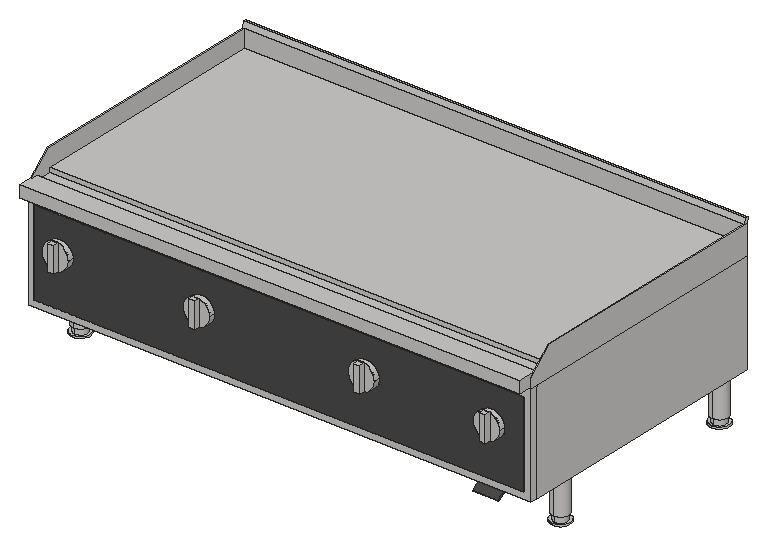
Revit family "QF_Vollrath_40839", category Specialty Equipment, Revit 2016
Family settings
  Part Type = Normal
  Round Connector Dimension = Use Diameter
  OmniClass Number = 23.40.40.14.17.14
  OmniClass Title = Hot Plates
  Work Plane-Based = No
  Always vertical = Yes
  Cut with Voids When Loaded = No
  Shared = No
  Room Calculation Point = No
Parameters
  Width [instance] = 4' - 0"
  Weight in Pounds = 412
  Watermarked By = "http://revitwatermark.com"
  URL Cutsheet = ""
  URL = ""
  Status [instance] = ""
  Specification by User [instance] = ""
  Specification by Manufacturer [instance] = ""
  Serial Number [instance] = ""
  Seismic Rating [instance] = ""
  Revision Code [instance] = ""
  NAFEM Spec ID Number [instance] = ""
  Model = "40839"
  Mechanical Remarks [instance] = ""
  Mechanical Connection Type [instance] = ""
  Masterspec [instance] = ""
  Manufacturer = "Vollrath"
  Length [instance] = 2' - 3"
  Item Number [instance] = "-"
  Installed By [instance] = ""
  Height AFF [instance] = 3' - 0"
  Gas Size = 3/4"
  Gas RI Height [instance] = 0' - 0"
  Gas KW = 0
  Gas Input = 52000.0 Btu/h
  Gas Connection Height [instance] = Height AFF + 0' 5 3/8"  # 3' - 5 3/8"
  Furnished By [instance] = ""
  Foodservice Equipment Identifier [instance] = yes
  Description = "Gas Griddle"
  CSI MasterFormat = "11 44 00"
  Assembly Code = "E1090320"
Reference planes (in)
  plane 1: z = 0
  plane 2 "BOTTOM": z = 36
  plane 3 "--": z = 52.51052
  plane 4 "LEFT CLEARANCE": x = -30.72076
  plane 5 "RIGHT CLEARANCE": x = 29.27924
  plane 6 "BACK CLEARANCE": y = 6
  plane 7 "FRONT": y = -27
  plane 8 "Top of Legs": z = 40
  plane 9 "LEFT": x = -24.72076
  plane 10: x = 23.27924
  plane 11 "BACK": y = 0
  plane 12: z = 39.75
  plane 13: z = 39.5
  plane 14: x = -22.40972
  plane 15: x = -18.72076
  plane 16: x = -15.03179
  plane 17: z = 51.5
  plane 18: z = 50.86814
  plane 19: z = 51.875
  plane 20: z = 41.5
  plane 21: x = -12.72076
  plane 22: y = -0.125
  plane 23: x = -24.59576
  plane 24: x = -6.22076
  plane 25 "TOP": z = 53.02104
  plane 26: x = -0.72076
  plane 27: x = 5.27924
  plane 28: x = 21.06049
  plane 29 "Grease Trap": z = 50.44581
Forms (in)
  Extrusion 1, solid, material "QF_Finishes_Stainless Steel"
    sketch origin (0, 0, 36) x (0, 1, 0) y (-1, 0, 0)
      loop
        circle (-2, 23.59576) r 0.9375
    from 0 to 0.125
  Extrusion 2, solid, material "QF_Finishes_Stainless Steel"
    sketch origin (0, 0, 36) x (0, 1, 0) y (-1, 0, 0)
      loop
        circle (-2, 23.59576) r 0.625
    from 0.125 to 0.75
  Extrusion 3, solid, material "QF_Finishes_Stainless Steel"
    sketch origin (0, 0, 36) x (0, 1, 0) y (-1, 0, 0)
      loop
        circle (-2, 23.59576) r 0.8125
    from 0.75 to 4
  Extrusion 4, solid, material "QF_Finishes_Stainless Steel"
    sketch origin (57.375, 0, 36) x (0, 1, 0) y (-1, 0, 0)
      loop
        circle (-2, 35.09576) r 0.9375
    from 0 to 0.125
  Extrusion 5, solid, material "QF_Finishes_Stainless Steel"
    sketch origin (57.375, 0, 36) x (0, 1, 0) y (-1, 0, 0)
      loop
        circle (-2, 35.09576) r 0.625
    from 0.125 to 0.75
  Extrusion 6, solid, material "QF_Finishes_Stainless Steel"
    sketch origin (57.375, 0, 36) x (0, 1, 0) y (-1, 0, 0)
      loop
        circle (-2, 35.09576) r 0.8125
    from 0.75 to 4
  Extrusion 7, solid, material "QF_Finishes_Stainless Steel"
    sketch origin (57.375, -24, 36) x (0, 1, 0) y (-1, 0, 0)
      loop
        circle (3, 35.09576) r 0.9375
    from 0 to 0.125
  Extrusion 8, solid, material "QF_Finishes_Stainless Steel"
    sketch origin (57.375, -24, 36) x (0, 1, 0) y (-1, 0, 0)
      loop
        circle (3, 35.09576) r 0.625
    from 0.125 to 0.75
  Extrusion 9, solid, material "QF_Finishes_Stainless Steel"
    sketch origin (57.375, -24, 36) x (0, 1, 0) y (-1, 0, 0)
      loop
        circle (3, 35.09576) r 0.8125
    from 0.75 to 4
  Extrusion 10, solid, material "QF_Finishes_Stainless Steel"
    sketch origin (0, -24, 36) x (0, 1, 0) y (-1, 0, 0)
      loop
        circle (3, 23.59576) r 0.9375
    from 0 to 0.125
  Extrusion 11, solid, material "QF_Finishes_Stainless Steel"
    sketch origin (0, -24, 36) x (0, 1, 0) y (-1, 0, 0)
      loop
        circle (3, 23.59576) r 0.625
    from 0.125 to 0.75
  Extrusion 12, solid, material "QF_Finishes_Stainless Steel"
    sketch origin (0, -24, 36) x (0, 1, 0) y (-1, 0, 0)
      loop
        circle (3, 23.59576) r 0.8125
    from 0.75 to 4
  Extrusion 13, solid, material "QF_Finishes_Stainless Steel"
    sketch origin (0, 0, 36) x (0, 1, 0) y (-1, 0, 0)
      loop
        line (0, 24.72076) -> (-25.04599, 24.72076) -> (-25.04599, -23.27924) -> (0, -23.27924) -> (0, 24.72076)
    from 4 to 13.75
  Extrusion 14, solid, material "QF_Finishes_Stainless Steel"
    sketch origin (0, 0, 0) x (1, 0, 0) y (0, 0, 1)
      loop
        line (18.02924, 40) -> (18.02924, 39.75) -> (20.45798, 39.75) -> (20.45798, 40) -> (18.02924, 40)
    from 0 to 25.04599
  Extrusion 15, solid, material "QF_Finishes_Stainless Steel"
    sketch origin (0, 0, 0) x (1, 0, 0) y (0, 0, 1)
      loop
        line (18.02924, 39.75) -> (18.02924, 39.5) -> (20.45798, 39.5) -> (20.45798, 39.75) -> (18.02924, 39.75)
    from 0 to 25.04599
  Extrusion 16, solid, material "QF_Finishes_Black"
    sketch origin (0, 0, 0) x (1, 0, 0) y (0, 0, 1)
      loop
        line (-24.21829, 48.76052) -> (-24.21829, 40.59949) -> (22.53171, 40.59949) -> (22.53171, 48.76052) -> (-24.21829, 48.76052)
      loop
        circle (7.45498, 45.42728) r 1.25
      loop
        circle (-21.79502, 45.42728) r 1.25
      loop
        circle (-8.29502, 45.42728) r 1.25
      loop
        circle (19.45498, 45.42728) r 1.25
    from 25.04599 to 25.75
  Extrusion 17, solid, material "QF_Finishes_Stainless Steel"
    sketch origin (0, 0, 0) x (1, 0, 0) y (0, 0, 1)
      loop
        circle (-21.79502, 45.42728) r 1.25
    from 25.04599 to 26.25
  Extrusion 18, solid, material "QF_Finishes_Stainless Steel"
    sketch origin (0, 0, 0) x (1, 0, 0) y (0, 0, 1)
      loop
        line (-22.10719, 46.63767) -> (-22.10719, 44.20063) -> (-21.55452, 44.20063) -> (-21.55452, 46.63767) -> (-22.10719, 46.63767)
    from 26.25 to 26.75
  Extrusion 19, solid, material "QF_Finishes_Black"
    sketch origin (-24.72076, 0, 0) x (0, 1, 0) y (0, 0, 1)
      loop
        line (-25.04599, 39.75) -> (-25.04599, 39.81748)
        arc (-25.04599, 39.81748) -> (-25.64263, 39.6735) -> (-26.1385, 39.31181) r 1.57025
        line (-26.1385, 39.31181) -> (-26.07487, 39.24818)
        arc (-26.07487, 39.24818) -> (-25.60779, 39.59619) -> (-25.04599, 39.75) r 1.57025
    from 42.75 to 45.17874
  Extrusion 20, solid, material "QF_Finishes_Clearances", detail levels coarse
    sketch origin (0, 0, 36) x (0, 1, 0) y (-1, 0, 0)
      loop
        line (6, 30.72076) -> (-27, 30.72076) -> (-27, 24.72076) -> (6, 24.72076) -> (6, 30.72076)
    from 0 to 17.02104
  Extrusion 21, solid, material "QF_Finishes_Clearances", detail levels coarse
    sketch origin (0, 0, 36) x (0, 1, 0) y (-1, 0, 0)
      loop
        line (6, -23.27924) -> (-27, -23.27924) -> (-27, -29.27924) -> (6, -29.27924) -> (6, -23.27924)
    from 0 to 17.02104
  Extrusion 22, solid, material "QF_Finishes_Clearances", detail levels coarse
    sketch origin (0, 0, 36) x (0, 1, 0) y (-1, 0, 0)
      loop
        line (6, 24.72076) -> (0, 24.72076) -> (0, -23.27924) -> (6, -23.27924) -> (6, 24.72076)
    from 0 to 17.02104
  Extrusion 23, solid, material "QF_Finishes_Stainless Steel"
    sketch origin (36.09228, 0, 0) x (1, 0, 0) y (0, 0, 1)
      loop
        circle (-15.03179, 41.5) r 0.375
    from -0.13679 to 0.125
  Extrusion 24, solid, material "QF_Finishes_Stainless Steel"
    sketch origin (-36.59576, 0, 0) x (0, 1, 0) y (0, 0, 1)
      loop
        line (-25.79599, 50.58811) -> (-25.79599, 49.75) -> (0, 49.75) -> (0, 52.51052) -> (-23.4772, 52.51052) -> (-25.79599, 50.58811)
    from 11.875 to 12
  Extrusion 25, void
    sketch origin (0, 0, 36) x (0, 1, 0) y (-1, 0, 0)
      loop
        line (-23.48158, 24.59576) -> (-25.04599, 24.59576) -> (-25.04599, -23.15424) -> (-23.48158, -23.15424) -> (-23.48158, 24.59576)
    from 14.44581 to 14.86814
  Extrusion 26, solid, material "QF_Finishes_Stainless Steel"
    sketch origin (-24.72076, 0, 0) x (0, 1, 0) y (0, 0, 1)
      loop
        line (-25.04599, 49.75) -> (-25.04599, 50.86814) -> (-27, 50.86814) -> (-27, 49.75) -> (-25.04599, 49.75)
    from 0.125 to 47.875
  Extrusion 27, solid, material "QF_Finishes_Stainless Steel"
    sketch origin (-24.72076, 0, 0) x (0, 1, 0) y (0, 0, 1)
      loop
        line (0, 49.75) -> (0, 52.51052) -> (0.13679, 53.02104) -> (-0.05732, 53.02104) -> (-0.19411, 52.51052) -> (-0.19411, 49.75) -> (0, 49.75)
    from 0 to 48
  Extrusion 28, solid, material "QF_Finishes_Stainless Steel"
    sketch origin (11.27924, 0, 0) x (0, 1, 0) y (0, 0, 1)
      loop
        line (-25.79599, 50.58811) -> (-25.79599, 49.75) -> (0, 49.75) -> (0, 52.51052) -> (-23.4772, 52.51052) -> (-25.79599, 50.58811)
    from 11.875 to 12
  Extrusion 29, solid, material "QF_Finishes_Stainless Steel"
    sketch origin (-24.72076, 0, 0) x (0, 1, 0) y (0, 0, 1)
      loop
        line (-25.04599, 50.86814) -> (-25.04599, 49.75) -> (-0.19411, 49.75) -> (-0.19411, 50.86814) -> (-25.04599, 50.86814)
    from 0.125 to 47.875
  Extrusion 30, solid, material "QF_Finishes_Stainless Steel"
    sketch origin (13.5, 0, 0) x (1, 0, 0) y (0, 0, 1)
      loop
        circle (-21.79502, 45.42728) r 1.25
    from 25.04599 to 26.25
  Extrusion 31, solid, material "QF_Finishes_Stainless Steel"
    sketch origin (13.5, 0, 0) x (1, 0, 0) y (0, 0, 1)
      loop
        line (-22.10719, 46.63767) -> (-22.10719, 44.20063) -> (-21.55452, 44.20063) -> (-21.55452, 46.63767) -> (-22.10719, 46.63767)
    from 26.25 to 26.75
  Extrusion 32, solid, material "QF_Finishes_Stainless Steel"
    sketch origin (29.25, 0, 0) x (1, 0, 0) y (0, 0, 1)
      loop
        circle (-21.79502, 45.42728) r 1.25
    from 25.04599 to 26.25
  Extrusion 33, solid, material "QF_Finishes_Stainless Steel"
    sketch origin (29.25, 0, 0) x (1, 0, 0) y (0, 0, 1)
      loop
        line (-22.10719, 46.63767) -> (-22.10719, 44.20063) -> (-21.55452, 44.20063) -> (-21.55452, 46.63767) -> (-22.10719, 46.63767)
    from 26.25 to 26.75
  Extrusion 34, solid, material "QF_Finishes_Stainless Steel"
    sketch origin (41.25, 0, 0) x (1, 0, 0) y (0, 0, 1)
      loop
        circle (-21.79502, 45.42728) r 1.25
    from 25.04599 to 26.25
  Extrusion 35, solid, material "QF_Finishes_Stainless Steel"
    sketch origin (41.25, 0, 0) x (1, 0, 0) y (0, 0, 1)
      loop
        line (-22.10719, 46.63767) -> (-22.10719, 44.20063) -> (-21.55452, 44.20063) -> (-21.55452, 46.63767) -> (-22.10719, 46.63767)
    from 26.25 to 26.75
  Extrusion 36, solid, material "QF_Finishes_Stainless Steel"
    sketch origin (0, 0, 0) x (1, 0, 0) y (0, 0, 1)
      loop
        line (-24.72076, 49.75) -> (-24.72076, 40) -> (23.27924, 40) -> (23.27924, 49.75) -> (-24.72076, 49.75)
      loop
        line (-24.21829, 48.76052) -> (-24.21829, 40.59949) -> (22.53171, 40.59949) -> (22.53171, 48.76052) -> (-24.21829, 48.76052)
    from 25.04599 to 25.75
Cuts and joins
  Extrusion 25 cuts Extrusion 13
  Extrusion 25 cuts Extrusion 14
  Extrusion 25 cuts Extrusion 15
  Extrusion 25 cuts Extrusion 29
Lines and regions (in)
  symbolic lines, style "QF_Clearances", detail levels coarse
    curve 1: line (-30.72076, -27, 36) -> (-30.72076, 6, 36)
    curve 2: line (-30.72076, 6, 36) -> (-24.72076, 6, 36)
    curve 3: line (-24.72076, 6, 36) -> (23.27924, 6, 36)
    curve 4: line (23.27924, 6, 36) -> (29.27924, 6, 36)
    curve 5: line (29.27924, 6, 36) -> (29.27924, -27, 36)
  symbolic lines
    curve 6: line (-24.72076, 0, 36) -> (23.27924, 0, 36)
    curve 7: line (23.27924, 0, 36) -> (23.27924, -27, 36)
    curve 8: line (23.27924, -27, 36) -> (-24.72076, -27, 36)
    curve 9: line (-24.72076, -27, 36) -> (-24.72076, 0, 36)
    curve 10: line (-24.72076, -25.04599, 36) -> (23.27924, -25.04599, 36)
    curve 11: line (-24.72076, -23.4772, 36) -> (23.27924, -23.4772, 36)
    curve 13: circle (21.06049, -24.30905, 50.44581) r 0.5 normal (0, 0, 1)
  model lines
    curve 12: circle (21.06049, -24.30905, 50.44581) r 0.5 normal (0, 0, 1)
Dimensions and locks (in)
  "Height AFF": plane 2 "BOTTOM" to level
  plane 4 "LEFT CLEARANCE" to plane 9 "LEFT" = 0' - 6"
  locked: plane 10 to plane 5 "RIGHT CLEARANCE" at 6
  plane 6 "BACK CLEARANCE" to plane 11 "BACK" = 0' - 6"
  "Length": plane 11 "BACK" to plane 7 "FRONT"
  "Width": plane 9 "LEFT" to plane 10
  locked: Extrusion 23 sketch curve to plane 8 "Top of Legs" at 1.5
  locked: plane 8 "Top of Legs" to plane 2 "BOTTOM" at 4
  locked: plane 12 to plane 13 at 0.25
  locked: plane 8 "Top of Legs" to plane 12 at 0.25
  plane 20 to plane 8 "Top of Legs" = 0' - 1 1/2"
  locked: plane 17 to plane 18 at 0.63186
  locked: plane 19 to plane 17 at 0.375
  locked: plane 19 to plane 3 "--" at 0.63552
  locked: plane 18 to plane 20 at 9.36814
  Extrusion 24 to Extrusion 20 = 0' - 6 1/8"
  locked: plane 25 "TOP" to plane 3 "--" at 0.51052
  equal spacing: plane 10, plane 26, plane 9 "LEFT"
  Extrusion 27 to Extrusion 29 = 3' - 11 7/8"
  locked: plane 18 to plane 29 "Grease Trap" at 0.42233
  aligned and locked: level to plane 1
  aligned: plane 10 to Extrusion 13 sketch curve
  aligned: Extrusion 14 sketch curve to plane 16
  aligned: Extrusion 15 sketch curve to plane 16
  aligned: plane 16 to Extrusion 19
  aligned: Extrusion 13 to plane 10
  aligned: plane 8 "Top of Legs" to Extrusion 14
  aligned: plane 12 to Extrusion 15
  aligned: Extrusion 15 to plane 13
  aligned: Extrusion 13 to plane 8 "Top of Legs"
  aligned: plane 3 "--" to Extrusion 20  (x2)
  aligned: plane 3 "--" to Extrusion 21
  aligned: plane 3 "--" to Extrusion 22
  aligned and locked: plane 3 "--" to Extrusion 24
  aligned and locked: plane 25 "TOP" to Extrusion 27
  aligned and locked: Extrusion 21 to Extrusion 27
  aligned and locked: Extrusion 20 to Extrusion 21
  aligned and locked: plane 25 "TOP" to Extrusion 22
  aligned and locked: Extrusion 29 sketch curve to plane 18
  aligned and locked: Extrusion 26 to Extrusion 24
  aligned and locked: plane 18 to Extrusion 26
  aligned and locked: Extrusion 20 to Extrusion 27
  aligned and locked: Extrusion 24 to Extrusion 27
  aligned and locked: plane 3 "--" to Extrusion 28
  aligned and locked: Extrusion 28 to Extrusion 24  (x2)
  aligned and locked: Extrusion 24 to cut or joined group of Extrusion 13, Extrusion 25
  aligned and locked: Extrusion 24 to Extrusion 29
  aligned and locked: Extrusion 36 sketch curve to cut or joined group of Extrusion 13, Extrusion 25  (x2)
  aligned and locked: Extrusion 36 sketch curve to Extrusion 16  (x2)
Automatic sketch dimensions
  Extrusion 1 sketch curve to plane 22 = 0' - 1 7/8"
  plane 23 to Extrusion 1 sketch curve = 0' - 1"
  Extrusion 2 sketch curve to plane 22 = 0' - 1 7/8"
  plane 23 to Extrusion 2 sketch curve = 0' - 1"
  Extrusion 3 sketch curve to plane 22 = 0' - 1 7/8"
  plane 23 to Extrusion 3 sketch curve = 0' - 1"
  Extrusion 4 sketch curve to plane 22 = 0' - 1 7/8"
  plane 10 to Extrusion 4 sketch curve = 0' - 1"
  Extrusion 5 sketch curve to plane 22 = 0' - 1 7/8"
  plane 10 to Extrusion 5 sketch curve = 0' - 1"
  Extrusion 6 sketch curve to plane 22 = 0' - 1 7/8"
  plane 10 to Extrusion 6 sketch curve = 0' - 1"
  plane 10 to Extrusion 7 sketch curve = 0' - 1"
  plane 7 "FRONT" to Extrusion 7 sketch curve = 0' - 6"
  plane 10 to Extrusion 8 sketch curve = 0' - 1"
  plane 7 "FRONT" to Extrusion 8 sketch curve = 0' - 6"
  plane 10 to Extrusion 9 sketch curve = 0' - 1"
  plane 7 "FRONT" to Extrusion 9 sketch curve = 0' - 6"
  plane 23 to Extrusion 10 sketch curve = 0' - 1"
  plane 7 "FRONT" to Extrusion 10 sketch curve = 0' - 6"
  plane 23 to Extrusion 11 sketch curve = 0' - 1"
  plane 7 "FRONT" to Extrusion 11 sketch curve = 0' - 6"
  plane 23 to Extrusion 12 sketch curve = 0' - 1"
  plane 7 "FRONT" to Extrusion 12 sketch curve = 0' - 6"
  Extrusion 13 sketch curve to plane 9 "LEFT" = 0' - 0"
  Extrusion 13 sketch curve to plane 10 = 0' - 0"
  Extrusion 13 sketch curve to plane 11 "BACK" = 0' - 0"
  plane 7 "FRONT" to Extrusion 13 sketch curve = 0' - 1.95401"
  Extrusion 14 sketch curve to plane 12 = 0' - 0"
  Extrusion 14 sketch curve to plane 8 "Top of Legs" = 0' - 0"
  plane 28 to Extrusion 14 sketch curve = 0' - 3 1/32"
  plane 28 to Extrusion 14 sketch curve = 0' - 0.60251"
  Extrusion 15 sketch curve to plane 13 = 0' - 0"
  Extrusion 15 sketch curve to plane 12 = 0' - 0"
  plane 28 to Extrusion 15 sketch curve = 0' - 3 1/32"
  plane 28 to Extrusion 15 sketch curve = 0' - 0.60251"
  plane 23 to Extrusion 16 sketch curve = 0' - 0.37747"
  Extrusion 16 sketch curve to plane 14 = 0' - 0.61471"
  plane 24 to Extrusion 16 sketch curve = 0' - 2.07426"
  Extrusion 16 sketch curve to plane 27 = 0' - 2.17574"
  plane 28 to Extrusion 16 sketch curve = 0' - 1.60551"
  plane 10 to Extrusion 16 sketch curve = 0' - 0.74753"
  plane 8 "Top of Legs" to Extrusion 16 sketch curve = 0' - 0.59949"
  plane 20 to Extrusion 16 sketch curve = 0' - 3.92728"  (x4)
  Extrusion 17 sketch curve to Extrusion 17 sketch curve = 0' - 0"  (x2)
  plane 14 to Extrusion 17 sketch curve = 0' - 0.63529"
  Extrusion 17 sketch curve to plane 14 = 0' - 0.61471"
  plane 20 to Extrusion 17 sketch curve = 0' - 3.92728"
  Extrusion 18 sketch curve to plane 14 = 0' - 0.30254"
  Extrusion 18 sketch curve to Extrusion 18 sketch curve = 0' - 0.55267"
  plane 20 to Extrusion 18 sketch curve = 0' - 2.70063"
  Extrusion 18 sketch curve to Extrusion 18 sketch curve = 0' - 2.43704"
  Extrusion 19 sketch curve to plane 12 = 0' - 0"
  Extrusion 19 sketch curve to plane 13 = 0' - 0.18819"
  plane 7 "FRONT" to Extrusion 19 sketch curve = 0' - 0.8615"
  Extrusion 19 sketch curve to plane 13 = 0' - 0.25182"
  Extrusion 19 sketch curve to Extrusion 19 sketch curve = 0' - 0.06363"  (x2)
  plane 12 to Extrusion 19 sketch curve = 0' - 0.06748"
  Extrusion 19 sketch curve to Extrusion 19 sketch curve = 0' - 1.02888"
  Extrusion 19 sketch curve to plane 13 = 0' - 1.25151"
  Extrusion 20 sketch curve to plane 4 "LEFT CLEARANCE" = 0' - 0"
  Extrusion 20 sketch curve to plane 7 "FRONT" = 0' - 0"
  Extrusion 20 sketch curve to plane 6 "BACK CLEARANCE" = 0' - 0"
  Extrusion 20 sketch curve to plane 9 "LEFT" = 0' - 0"
  Extrusion 21 sketch curve to plane 7 "FRONT" = 0' - 0"
  Extrusion 21 sketch curve to plane 6 "BACK CLEARANCE" = 0' - 0"
  Extrusion 21 sketch curve to plane 5 "RIGHT CLEARANCE" = 0' - 0"
  Extrusion 21 sketch curve to plane 10 = 0' - 0"
  Extrusion 22 sketch curve to plane 9 "LEFT" = 0' - 0"
  Extrusion 22 sketch curve to plane 11 "BACK" = 0' - 0"
  Extrusion 22 sketch curve to plane 6 "BACK CLEARANCE" = 0' - 0"
  Extrusion 22 sketch curve to plane 10 = 0' - 0"
  plane 28 to Extrusion 23 sketch curve = 0' - 0"
  plane 3 "--" to Extrusion 24 sketch curve = 0' - 0"
  Extrusion 24 sketch curve to plane 11 "BACK" = 0' - 0"
  plane 7 "FRONT" to Extrusion 24 sketch curve = 0' - 3.5228"
  Extrusion 24 sketch curve to plane 18 = 0' - 0.28003"
  plane 7 "FRONT" to Extrusion 24 sketch curve = 0' - 1.20401"
  Extrusion 25 sketch curve to plane 23 = 0' - 0"
  plane 7 "FRONT" to Extrusion 25 sketch curve = 0' - 1.95401"
  Extrusion 25 sketch curve to Extrusion 25 sketch curve = 0' - 1.56441"
  plane 10 to Extrusion 25 sketch curve = 0' - 0 1/8"
  Extrusion 26 sketch curve to plane 7 "FRONT" = 0' - 0"
  Extrusion 26 sketch curve to plane 18 = 0' - 0"
  plane 7 "FRONT" to Extrusion 26 sketch curve = 0' - 1.95401"
  Extrusion 27 sketch curve to plane 3 "--" = 0' - 0"  (x2)
  Extrusion 27 sketch curve to plane 25 "TOP" = 0' - 0"
  Extrusion 27 sketch curve to plane 11 "BACK" = 0' - 0"
  Extrusion 27 sketch curve to plane 11 "BACK" = 0' - 0.05732"
  Extrusion 27 sketch curve to plane 22 = 0' - 0.06911"
  plane 11 "BACK" to Extrusion 27 sketch curve = 0' - 0.13679"
  plane 7 "FRONT" to Extrusion 29 sketch curve = 0' - 1.95401"
  Extrusion 29 sketch curve to plane 22 = 0' - 0.06911"
  Extrusion 30 sketch curve to Extrusion 30 sketch curve = 0' - 0"  (x2)
  Extrusion 30 sketch curve to plane 21 = 0' - 3.17574"
  Extrusion 30 sketch curve to Extrusion 30 sketch curve = 0' - 1 1/4"
  plane 20 to Extrusion 30 sketch curve = 0' - 3.92728"
  plane 24 to Extrusion 31 sketch curve = 0' - 2.38643"
  Extrusion 31 sketch curve to Extrusion 31 sketch curve = 0' - 0.55267"
  plane 20 to Extrusion 31 sketch curve = 0' - 2.70063"
  Extrusion 31 sketch curve to Extrusion 31 sketch curve = 0' - 2.43704"
  Extrusion 32 sketch curve to Extrusion 32 sketch curve = 0' - 0"  (x2)
  Extrusion 32 sketch curve to plane 27 = 0' - 0.92574"
  Extrusion 32 sketch curve to Extrusion 32 sketch curve = 0' - 1 1/4"
  plane 20 to Extrusion 32 sketch curve = 0' - 3.92728"
  Extrusion 33 sketch curve to plane 27 = 0' - 1.86357"
  Extrusion 33 sketch curve to Extrusion 33 sketch curve = 0' - 0.55267"
  plane 20 to Extrusion 33 sketch curve = 0' - 2.70063"
  Extrusion 33 sketch curve to Extrusion 33 sketch curve = 0' - 2.43704"
  Extrusion 34 sketch curve to Extrusion 34 sketch curve = 0' - 0"  (x2)
  plane 28 to Extrusion 34 sketch curve = 0' - 2.85551"
  Extrusion 34 sketch curve to Extrusion 34 sketch curve = 0' - 1 1/4"
  plane 20 to Extrusion 34 sketch curve = 0' - 3.92728"
  plane 28 to Extrusion 35 sketch curve = 0' - 1.91768"
  Extrusion 35 sketch curve to Extrusion 35 sketch curve = 0' - 0.55267"
  plane 20 to Extrusion 35 sketch curve = 0' - 2.70063"
  Extrusion 35 sketch curve to Extrusion 35 sketch curve = 0' - 2.43704"
  Extrusion 28 sketch curve to plane 3 "--" = 0' - 0"
  Extrusion 28 sketch curve to plane 11 "BACK" = 0' - 0"
  plane 7 "FRONT" to Extrusion 28 sketch curve = 0' - 3.5228"
  Extrusion 28 sketch curve to plane 18 = 0' - 0.28003"
  plane 7 "FRONT" to Extrusion 28 sketch curve = 0' - 1.20401"
  Extrusion 16 sketch curve to plane 18 = 0' - 2.10762"
  Extrusion 24 sketch curve to plane 18 = 0' - 1.11814"
  Extrusion 26 sketch curve to Extrusion 26 sketch curve = 0' - 1.11814"
  Extrusion 27 sketch curve to plane 18 = 0' - 1.11814"
  Extrusion 28 sketch curve to plane 18 = 0' - 1.11814"
  Extrusion 29 sketch curve to plane 25 "TOP" = 0' - 3.27104"
  Extrusion 36 sketch curve to plane 9 "LEFT" = 0' - 0"
  plane 10 to Extrusion 36 sketch curve = 0' - 0"
  plane 23 to Extrusion 36 sketch curve = 0' - 0.37747"
  plane 10 to Extrusion 36 sketch curve = 0' - 0.74753"
  curve 1 to plane 4 "LEFT CLEARANCE" = 0' - 0"
  curve 1 to plane 7 "FRONT" = 0' - 0"
  curve 7 to plane 7 "FRONT" = 0' - 0"
  curve 5 to plane 5 "RIGHT CLEARANCE" = 0' - 0"
  plane 7 "FRONT" to curve 5 = 0' - 0"
  curve 10 to plane 10 = 0' - 0"
  curve 11 to plane 9 "LEFT" = 0' - 0"
  curve 6 to plane 11 "BACK" = 0' - 0"
  curve 3 to plane 6 "BACK CLEARANCE" = 0' - 0"
  curve 3 to plane 10 = 0' - 0"
  curve 3 to plane 9 "LEFT" = 0' - 0"
  curve 7 to curve 10 = 0' - 1.95401"
  curve 10 to curve 11 = 0' - 1.56878"
  curve 12 to curve 13 = 0' - 0"  (x2)
  curve 13 to plane 28 = 0' - 0"
  plane 7 "FRONT" to curve 13 = 0' - 2.69095"
  radius of Extrusion 1 sketch curve = 0' - 0 15/16"
  radius of Extrusion 2 sketch curve = 0' - 0 5/8"
  radius of Extrusion 3 sketch curve = 0' - 0 13/16"
  radius of Extrusion 4 sketch curve = 0' - 0 15/16"
  radius of Extrusion 5 sketch curve = 0' - 0 5/8"
  radius of Extrusion 6 sketch curve = 0' - 0 13/16"
  radius of Extrusion 7 sketch curve = 0' - 0 15/16"
  radius of Extrusion 8 sketch curve = 0' - 0 5/8"
  radius of Extrusion 9 sketch curve = 0' - 0 13/16"
  radius of Extrusion 10 sketch curve = 0' - 0 15/16"
  radius of Extrusion 11 sketch curve = 0' - 0 5/8"
  radius of Extrusion 12 sketch curve = 0' - 0 13/16"
  radius of Extrusion 16 sketch curve = 0' - 1 1/4"  (x4)
  radius of Extrusion 23 sketch curve = 0' - 0 3/8"
  radius of curve 12 = 0' - 0 1/2"
  radius of curve 13 = 0' - 0 1/2"
Connectors (in)
  piping at (21.06049, 0.13679, 41.5), diameter 0.75
    settings: on Extrusion 23, index 1, connector inside diameter 3/4", connector length 0' - 0", flow factor 0, pipe flow 0 GPM, pressure drop 0.00 psi, fitting loss kfactor 0, connector angle 0.00°, fixture units 0, engagement length 0' - 0", angle of deflection 0.00°, flow configuration 1, flow direction 1, fitting loss method 0, system type 22, joint type 0, gender type 0, connector reference index -1, connector utility 0, adjustable connector no, is connector primary yes, connector description "Gas Connection"
